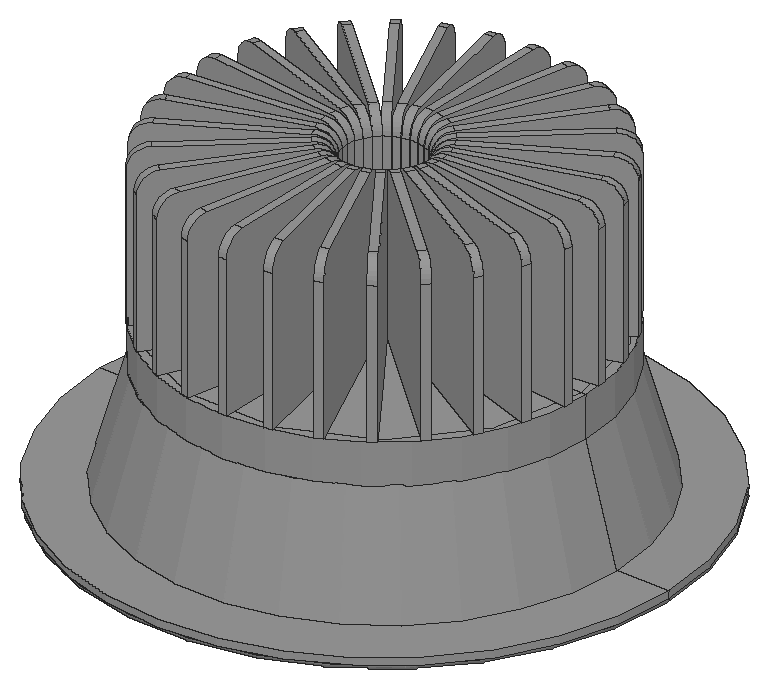
Revit family "WIL2_63_UN_Downlighter_ETK", category Lighting Fixtures, Revit 2017 (continued)
Definition of nested family "WIL.2 - Lightsource"
  Types (8, lengths in mm): name | Wattage Comments | Wattage | built-in parameter 1150134 | Photometric Web File | built-in parameter 1150142 | built-in parameter 1150105 | Lumens | built-in parameter 1150107 | built-in parameter 1150106 | Apparent Load
    WIL.2100.10 - LED 13W / 1980lm / 3000K | "13W" | 13.3296 W | (empty or 0) | "WIL.2100.10.ies" | "IESNA:LM-63-2002\r\n[TEST] /2016\r\n[TESTLAB] ies2eulumdat.appspot.com\r\n[ISSUEDATE] 2020-11-13T14:06:30.776\r\n[MANUFAC] www.etk.nl\r\n[LUMCAT] WIL.2100.10\r\n[LUMINAIRE] WIL.2 LED 13W 3000K helder wit Ø145 IP43\r\n[LAMPCAT] LED\r\n[LAMP] LED\r\nTILT=NONE\r\n1\t1467\t1\t19\t72\t1\t2\t-0.088\t-0.088\t0.001\r\n1.0\t1.0\t13.00\r\n0\t 5\t 10\t 15\t 20\t 25\t 30\t 35\t 40\t 45\r\n50\t 55\t 60\t 65\t 70\t 75\t 80\t 85\t 90\r\n0\t 5\t 10\t 15\t 20\t 25\t 30\t 35\t 40\t 45\r\n50\t 55\t 60\t 65\t 70\t 75\t 80\t 85\t 90\t 95\r\n100\t 105\t 110\t 115\t 120\t 125\t 130\t 135\t 140\t 145\r\n150\t 155\t 160\t 165\t 170\t 175\t 180\t 185\t 190\t 195\r\n200\t 205\t 210\t 215\t 220\t 225\t 230\t 235\t 240\t 245\r\n250\t 255\t 260\t 265\t 270\t 275\t 280\t 285\t 290\t 295\r\n300\t 305\t 310\t 315\t 320\t 325\t 330\t 335\t 340\t 345\r\n350\t 355\r\n1282.4807\t1264.8767\t1210.7591\t1103.8148\t963.2322\t875.5349\t715.7933\t597.6705\t473.4889\t211.248\r\n40.6506\t34.0051\t26.6407\t17.2666\t16.4451\t12.2788\t12.1468\t6.7189\t0.3374\r\n1282.4807\t1264.5393\t1209.4388\t1102.4945\t961.2518\t873.2171\t716.7469\t598.668\t475.2053\t216.5292\r\n40.6212\t34.0051\t27.0662\t18.0881\t16.9145\t12.2788\t12.5722\t7.1443\t0.3374\r\n1282.4807\t1264.1432\t1208.984\t1101.5263\t960.9143\t871.1926\t717.7151\t602.2035\t477.3178\t223.0427\r\n41.0907\t33.9904\t27.5063\t18.0881\t16.8558\t12.6309\t11.692\t7.1443\t0.3374\r\n1282.4807\t1264.5393\t1209.4975\t1101.0128\t960.0488\t871.9555\t719.4901\t606.0617\t480.0171\t228.7346\r\n41.0467\t34.4452\t27.873\t18.4402\t16.4451\t12.6896\t11.692\t7.1443\t0.3374\r\n1282.4807\t1264.4366\t1208.6466\t1099.1938\t959.7114\t871.9115\t721.3386\t608.9224\t479.5476\t231.566\r\n41.4868\t34.4012\t27.4329\t18.0294\t16.9145\t12.6309\t12.5722\t7.5991\t0.3374\r\n1282.4807\t1264.1579\t1209.0867\t1099.6925\t958.9192\t872.9677\t724.4633\t611.783\t480.0611\t235.1894\r\n41.4868\t35.296\t27.7996\t18.0294\t16.8558\t13.0563\t12.5135\t7.1443\t0.3374\r\n1282.4807\t1264.4807\t1209.1454\t1099.1938\t960.2835\t874.7574\t725.8569\t614.3209\t480.5012\t239.3117\r\n41.9562\t35.296\t28.6652\t18.851\t17.8681\t13.0563\t12.5722\t7.5697\t0.3374\r\n1282.4807\t1264.5393\t1207.7811\t1099.3551\t959.8434\t875.1095\t727.7787\t615.3772\t481.8655\t245.4144\r\n42.3963\t36.1469\t29.1053\t18.851\t17.8094\t13.0563\t12.5722\t7.511\t0.3374\r\n1282.4807\t1264.6127\t1206.9009\t1098.8564\t960.6209\t877.4567\t729.1137\t615.0691\t481.8655\t249.8301\r\n42.8364\t36.587\t30.3376\t19.203\t16.8558\t13.0416\t12.9683\t7.5697\t0.3374\r\n1282.4807\t1264.5833\t1206.9742\t1098.8564\t961.4425\t878.8944\t729.1137\t615.1278\t482.731\t253.5123\r\n43.3058\t36.587\t30.3376\t19.2617\t17.3399\t13.4671\t12.5135\t7.1443\t0.3374\r\n1282.4807\t1264.5393\t1206.5635\t1097.9468\t959.9021\t878.5716\t729.5538\t614.673\t484.8728\t258.7641\r\n43.7019\t37.4378\t30.7043\t19.203\t17.7507\t13.4671\t12.9976\t7.1443\t0.3374\r\n1282.4807\t1264.5393\t1205.654\t1097.448\t959.1099\t879.6425\t730.8887\t616.5361\t487.0147\t264.4561\r\n43.7019\t37.8779\t31.1297\t19.6138\t17.8094\t13.8631\t12.9536\t7.1443\t0.2494\r\n1282.4807\t1265.0528\t1206.1087\t1097.536\t959.8434\t881.3149\t733.1333\t616.7855\t487.4548\t266.9207\r\n44.6115\t37.922\t31.5698\t19.6138\t17.8094\t13.8631\t13.3937\t7.5697\t0.3374\r\n1282.4807\t1265.0528\t1205.2579\t1097.0226\t961.8386\t880.9775\t733.9548\t617.5336\t487.8802\t270.1921\r\n44.6115\t37.8779\t31.5698\t19.6138\t18.2788\t13.4671\t13.3937\t7.511\t0.3374\r\n1282.4807\t1264.6127\t1203.9376\t1096.1277\t961.0904\t881.6963\t735.7445\t617.9004\t487.3961\t272.5539\r\n44.6115\t38.7728\t31.9953\t20.0246\t18.2788\t13.4671\t13.3937\t7.9658\t0.3374\r\n1282.4807\t1264.642\t1204.3337\t1096.1277\t960.6943\t883.6915\t736.2433\t616.4334\t486.9707\t275.8253\r\n45.0076\t38.318\t32.362\t19.9659\t18.2788\t13.4671\t13.3937\t7.9658\t0.3374\r\n1282.4807\t1266.2411\t1203.9962\t1094.7341\t959.9608\t883.6328\t735.2311\t615.0104\t485.6797\t275.7667\r\n45.0076\t39.1689\t31.9366\t20.0246\t18.2788\t13.4671\t13.7751\t7.9658\t0.3374\r\n1282.4807\t1265.3902\t1202.2065\t1092.4309\t959.9608\t884.645\t734.8496\t613.9542\t485.6357\t276.5588\r\n45.0076\t38.7141\t32.362\t20.0246\t18.7483\t14.2886\t13.8191\t7.9658\t0.3374\r\n1282.4807\t1267.0919\t1201.8544\t1091.6094\t959.6234\t884.3076\t733.4413\t613.2647\t484.8288\t276.1774\r\n45.9171\t38.7288\t31.9366\t20.4353\t18.7483\t14.2886\t13.7751\t7.9658\t0.3374\r\n1282.4807\t1265.3902\t1202.2065\t1092.4309\t959.9608\t884.645\t734.8496\t613.9542\t485.6357\t276.5588\r\n45.0076\t38.7141\t32.362\t20.0246\t18.7483\t14.2886\t13.8191\t7.9658\t0.3374\r\n1282.4807\t1266.2411\t1203.9962\t1094.7341\t959.9608\t883.6328\t735.2311\t615.0104\t485.6797\t275.7667\r\n45.0076\t39.1689\t31.9366\t20.0246\t18.2788\t13.4671\t13.7751\t7.9658\t0.3374\r\n1282.4807\t1264.642\t1204.3337\t1096.1277\t960.6943\t883.6915\t736.2433\t616.4334\t486.9707\t275.8253\r\n45.0076\t38.318\t32.362\t19.9659\t18.2788\t13.4671\t13.3937\t7.9658\t0.3374\r\n1282.4807\t1264.6127\t1203.9376\t1096.1277\t961.0904\t881.6963\t735.7445\t617.9004\t487.3961\t272.5539\r\n44.6115\t38.7728\t31.9953\t20.0246\t18.2788\t13.4671\t13.3937\t7.9658\t0.3374\r\n1282.4807\t1265.0528\t1205.2579\t1097.0226\t961.8386\t880.9775\t733.9548\t617.5336\t487.8802\t270.1921\r\n44.6115\t37.8779\t31.5698\t19.6138\t18.2788\t13.4671\t13.3937\t7.511\t0.3374\r\n1282.4807\t1265.0528\t1206.1087\t1097.536\t959.8434\t881.3149\t733.1333\t616.7855\t487.4548\t266.9207\r\n44.6115\t37.922\t31.5698\t19.6138\t17.8094\t13.8631\t13.3937\t7.5697\t0.3374\r\n1282.4807\t1264.5393\t1205.654\t1097.448\t959.1099\t879.6425\t730.8887\t616.5361\t487.0147\t264.4561\r\n43.7019\t37.8779\t31.1297\t19.6138\t17.8094\t13.8631\t12.9536\t7.1443\t0.2494\r\n1282.4807\t1264.5393\t1206.5635\t1097.9468\t959.9021\t878.5716\t729.5538\t614.673\t484.8728\t258.7641\r\n43.7019\t37.4378\t30.7043\t19.203\t17.7507\t13.4671\t12.9976\t7.1443\t0.3374\r\n1282.4807\t1264.5833\t1206.9742\t1098.8564\t961.4425\t878.8944\t729.1137\t615.1278\t482.731\t253.5123\r\n43.3058\t36.587\t30.3376\t19.2617\t17.3399\t13.4671\t12.5135\t7.1443\t0.3374\r\n1282.4807\t1264.6127\t1206.9009\t1098.8564\t960.6209\t877.4567\t729.1137\t615.0691\t481.8655\t249.8301\r\n42.8364\t36.587\t30.3376\t19.203\t16.8558\t13.0416\t12.9683\t7.5697\t0.3374\r\n1282.4807\t1264.5393\t1207.7811\t1099.3551\t959.8434\t875.1095\t727.7787\t615.3772\t481.8655\t245.4144\r\n42.3963\t36.1469\t29.1053\t18.851\t17.8094\t13.0563\t12.5722\t7.511\t0.3374\r\n1282.4807\t1264.4807\t1209.1454\t1099.1938\t960.2835\t874.7574\t725.8569\t614.3209\t480.5012\t239.3117\r\n41.9562\t35.296\t28.6652\t18.851\t17.8681\t13.0563\t12.5722\t7.5697\t0.3374\r\n1282.4807\t1264.1579\t1209.0867\t1099.6925\t958.9192\t872.9677\t724.4633\t611.783\t480.0611\t235.1894\r\n41.4868\t35.296\t27.7996\t18.0294\t16.8558\t13.0563\t12.5135\t7.1443\t0.3374\r\n1282.4807\t1264.4366\t1208.6466\t1099.1938\t959.7114\t871.9115\t721.3386\t608.9224\t479.5476\t231.566\r\n41.4868\t34.4012\t27.4329\t18.0294\t16.9145\t12.6309\t12.5722\t7.5991\t0.3374\r\n1282.4807\t1264.5393\t1209.4975\t1101.0128\t960.0488\t871.9555\t719.4901\t606.0617\t480.0171\t228.7346\r\n41.0467\t34.4452\t27.873\t18.4402\t16.4451\t12.6896\t11.692\t7.1443\t0.3374\r\n1282.4807\t1264.1432\t1208.984\t1101.5263\t960.9143\t871.1926\t717.7151\t602.2035\t477.3178\t223.0427\r\n41.0907\t33.9904\t27.5063\t18.0881\t16.8558\t12.6309\t11.692\t7.1443\t0.3374\r\n1282.4807\t1264.5393\t1209.4388\t1102.4945\t961.2518\t873.2171\t716.7469\t598.668\t475.2053\t216.5292\r\n40.6212\t34.0051\t27.0662\t18.0881\t16.9145\t12.2788\t12.5722\t7.1443\t0.3374\r\n1282.4807\t1264.8767\t1210.7591\t1103.8148\t963.2322\t875.5349\t715.7933\t597.6705\t473.4889\t211.248\r\n40.6506\t34.0051\t26.6407\t17.2666\t16.4451\t12.2788\t12.1468\t6.7189\t0.3374\r\n1282.4807\t1264.5393\t1209.4388\t1102.4945\t961.2518\t873.2171\t716.7469\t598.668\t475.2053\t216.5292\r\n40.6212\t34.0051\t27.0662\t18.0881\t16.9145\t12.2788\t12.5722\t7.1443\t0.3374\r\n1282.4807\t1264.1432\t1208.984\t1101.5263\t960.9143\t871.1926\t717.7151\t602.2035\t477.3178\t223.0427\r\n41.0907\t33.9904\t27.5063\t18.0881\t16.8558\t12.6309\t11.692\t7.1443\t0.3374\r\n1282.4807\t1264.5393\t1209.4975\t1101.0128\t960.0488\t871.9555\t719.4901\t606.0617\t480.0171\t228.7346\r\n41.0467\t34.4452\t27.873\t18.4402\t16.4451\t12.6896\t11.692\t7.1443\t0.3374\r\n1282.4807\t1264.4366\t1208.6466\t1099.1938\t959.7114\t871.9115\t721.3386\t608.9224\t479.5476\t231.566\r\n41.4868\t34.4012\t27.4329\t18.0294\t16.9145\t12.6309\t12.5722\t7.5991\t0.3374\r\n1282.4807\t1264.1579\t1209.0867\t1099.6925\t958.9192\t872.9677\t724.4633\t611.783\t480.0611\t235.1894\r\n41.4868\t35.296\t27.7996\t18.0294\t16.8558\t13.0563\t12.5135\t7.1443\t0.3374\r\n1282.4807\t1264.4807\t1209.1454\t1099.1938\t960.2835\t874.7574\t725.8569\t614.3209\t480.5012\t239.3117\r\n41.9562\t35.296\t28.6652\t18.851\t17.8681\t13.0563\t12.5722\t7.5697\t0.3374\r\n1282.4807\t1264.5393\t1207.7811\t1099.3551\t959.8434\t875.1095\t727.7787\t615.3772\t481.8655\t245.4144\r\n42.3963\t36.1469\t29.1053\t18.851\t17.8094\t13.0563\t12.5722\t7.511\t0.3374\r\n1282.4807\t1264.6127\t1206.9009\t1098.8564\t960.6209\t877.4567\t729.1137\t615.0691\t481.8655\t249.8301\r\n42.8364\t36.587\t30.3376\t19.203\t16.8558\t13.0416\t12.9683\t7.5697\t0.3374\r\n1282.4807\t1264.5833\t1206.9742\t1098.8564\t961.4425\t878.8944\t729.1137\t615.1278\t482.731\t253.5123\r\n43.3058\t36.587\t30.3376\t19.2617\t17.3399\t13.4671\t12.5135\t7.1443\t0.3374\r\n1282.4807\t1264.5393\t1206.5635\t1097.9468\t959.9021\t878.5716\t729.5538\t614.673\t484.8728\t258.7641\r\n43.7019\t37.4378\t30.7043\t19.203\t17.7507\t13.4671\t12.9976\t7.1443\t0.3374\r\n1282.4807\t1264.5393\t1205.654\t1097.448\t959.1099\t879.6425\t730.8887\t616.5361\t487.0147\t264.4561\r\n43.7019\t37.8779\t31.1297\t19.6138\t17.8094\t13.8631\t12.9536\t7.1443\t0.2494\r\n1282.4807\t1265.0528\t1206.1087\t1097.536\t959.8434\t881.3149\t733.1333\t616.7855\t487.4548\t266.9207\r\n44.6115\t37.922\t31.5698\t19.6138\t17.8094\t13.8631\t13.3937\t7.5697\t0.3374\r\n1282.4807\t1265.0528\t1205.2579\t1097.0226\t961.8386\t880.9775\t733.9548\t617.5336\t487.8802\t270.1921\r\n44.6115\t37.8779\t31.5698\t19.6138\t18.2788\t13.4671\t13.3937\t7.511\t0.3374\r\n1282.4807\t1264.6127\t1203.9376\t1096.1277\t961.0904\t881.6963\t735.7445\t617.9004\t487.3961\t272.5539\r\n44.6115\t38.7728\t31.9953\t20.0246\t18.2788\t13.4671\t13.3937\t7.9658\t0.3374\r\n1282.4807\t1264.642\t1204.3337\t1096.1277\t960.6943\t883.6915\t736.2433\t616.4334\t486.9707\t275.8253\r\n45.0076\t38.318\t32.362\t19.9659\t18.2788\t13.4671\t13.3937\t7.9658\t0.3374\r\n1282.4807\t1266.2411\t1203.9962\t1094.7341\t959.9608\t883.6328\t735.2311\t615.0104\t485.6797\t275.7667\r\n45.0076\t39.1689\t31.9366\t20.0246\t18.2788\t13.4671\t13.7751\t7.9658\t0.3374\r\n1282.4807\t1265.3902\t1202.2065\t1092.4309\t959.9608\t884.645\t734.8496\t613.9542\t485.6357\t276.5588\r\n45.0076\t38.7141\t32.362\t20.0246\t18.7483\t14.2886\t13.8191\t7.9658\t0.3374\r\n1282.4807\t1267.0919\t1201.8544\t1091.6094\t959.6234\t884.3076\t733.4413\t613.2647\t484.8288\t276.1774\r\n45.9171\t38.7288\t31.9366\t20.4353\t18.7483\t14.2886\t13.7751\t7.9658\t0.3374\r\n1282.4807\t1265.3902\t1202.2065\t1092.4309\t959.9608\t884.645\t734.8496\t613.9542\t485.6357\t276.5588\r\n45.0076\t38.7141\t32.362\t20.0246\t18.7483\t14.2886\t13.8191\t7.9658\t0.3374\r\n1282.4807\t1266.2411\t1203.9962\t1094.7341\t959.9608\t883.6328\t735.2311\t615.0104\t485.6797\t275.7667\r\n45.0076\t39.1689\t31.9366\t20.0246\t18.2788\t13.4671\t13.7751\t7.9658\t0.3374\r\n1282.4807\t1264.642\t1204.3337\t1096.1277\t960.6943\t883.6915\t736.2433\t616.4334\t486.9707\t275.8253\r\n45.0076\t38.318\t32.362\t19.9659\t18.2788\t13.4671\t13.3937\t7.9658\t0.3374\r\n1282.4807\t1264.6127\t1203.9376\t1096.1277\t961.0904\t881.6963\t735.7445\t617.9004\t487.3961\t272.5539\r\n44.6115\t38.7728\t31.9953\t20.0246\t18.2788\t13.4671\t13.3937\t7.9658\t0.3374\r\n1282.4807\t1265.0528\t1205.2579\t1097.0226\t961.8386\t880.9775\t733.9548\t617.5336\t487.8802\t270.1921\r\n44.6115\t37.8779\t31.5698\t19.6138\t18.2788\t13.4671\t13.3937\t7.511\t0.3374\r\n1282.4807\t1265.0528\t1206.1087\t1097.536\t959.8434\t881.3149\t733.1333\t616.7855\t487.4548\t266.9207\r\n44.6115\t37.922\t31.5698\t19.6138\t17.8094\t13.8631\t13.3937\t7.5697\t0.3374\r\n1282.4807\t1264.5393\t1205.654\t1097.448\t959.1099\t879.6425\t730.8887\t616.5361\t487.0147\t264.4561\r\n43.7019\t37.8779\t31.1297\t19.6138\t17.8094\t13.8631\t12.9536\t7.1443\t0.2494\r\n1282.4807\t1264.5393\t1206.5635\t1097.9468\t959.9021\t878.5716\t729.5538\t614.673\t484.8728\t258.7641\r\n43.7019\t37.4378\t30.7043\t19.203\t17.7507\t13.4671\t12.9976\t7.1443\t0.3374\r\n1282.4807\t1264.5833\t1206.9742\t1098.8564\t961.4425\t878.8944\t729.1137\t615.1278\t482.731\t253.5123\r\n43.3058\t36.587\t30.3376\t19.2617\t17.3399\t13.4671\t12.5135\t7.1443\t0.3374\r\n1282.4807\t1264.6127\t1206.9009\t1098.8564\t960.6209\t877.4567\t729.1137\t615.0691\t481.8655\t249.8301\r\n42.8364\t36.587\t30.3376\t19.203\t16.8558\t13.0416\t12.9683\t7.5697\t0.3374\r\n1282.4807\t1264.5393\t1207.7811\t1099.3551\t959.8434\t875.1095\t727.7787\t615.3772\t481.8655\t245.4144\r\n42.3963\t36.1469\t29.1053\t18.851\t17.8094\t13.0563\t12.5722\t7.511\t0.3374\r\n1282.4807\t1264.4807\t1209.1454\t1099.1938\t960.2835\t874.7574\t725.8569\t614.3209\t480.5012\t239.3117\r\n41.9562\t35.296\t28.6652\t18.851\t17.8681\t13.0563\t12.5722\t7.5697\t0.3374\r\n1282.4807\t1264.1579\t1209.0867\t1099.6925\t958.9192\t872.9677\t724.4633\t611.783\t480.0611\t235.1894\r\n41.4868\t35.296\t27.7996\t18.0294\t16.8558\t13.0563\t12.5135\t7.1443\t0.3374\r\n1282.4807\t1264.4366\t1208.6466\t1099.1938\t959.7114\t871.9115\t721.3386\t608.9224\t479.5476\t231.566\r\n41.4868\t34.4012\t27.4329\t18.0294\t16.9145\t12.6309\t12.5722\t7.5991\t0.3374\r\n1282.4807\t1264.5393\t1209.4975\t1101.0128\t960.0488\t871.9555\t719.4901\t606.0617\t480.0171\t228.7346\r\n41.0467\t34.4452\t27.873\t18.4402\t16.4451\t12.6896\t11.692\t7.1443\t0.3374\r\n1282.4807\t1264.1432\t1208.984\t1101.5263\t960.9143\t871.1926\t717.7151\t602.2035\t477.3178\t223.0427\r\n41.0907\t33.9904\t27.5063\t18.0881\t16.8558\t12.6309\t11.692\t7.1443\t0.3374\r\n1282.4807\t1264.5393\t1209.4388\t1102.4945\t961.2518\t873.2171\t716.7469\t598.668\t475.2053\t216.5292\r\n40.6212\t34.0051\t27.0662\t18.0881\t16.9145\t12.2788\t12.5722\t7.1443\t0.3374" | 3282 (stored number, unit not read) | 1980 lm | 3000 (stored number, unit not read) | 32.82 (stored number, unit not read) | 13 VA
